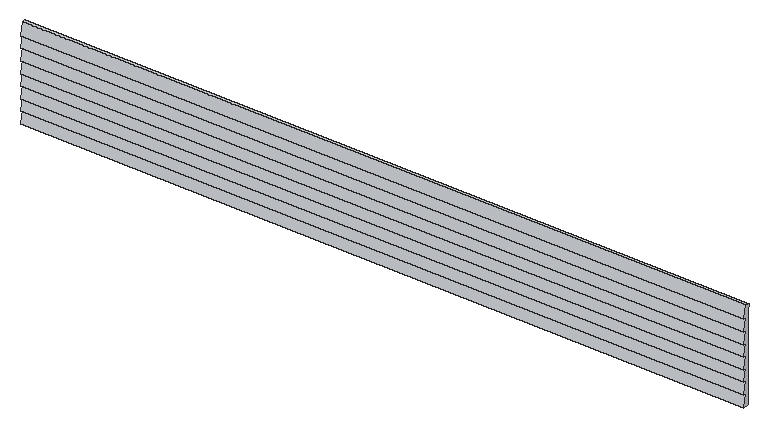
Revit family "OracDecor_WX204", category Обобщенные модели, Revit 2019
Family settings
  Может служить основой для арматурных стержней = Нет
  Размер круглого соединителя = Использовать диаметр
  Тип детали = Нормальный
  На основе рабочей плоскости = Нет
  Всегда вертикально = Да
  При загрузке вырезать с полостями = Нет
  Общий = Нет
  Точка расчета площади = Нет
Parameters
  Изготовитель = "Family from POCHERTEAM"  # constant formula
  URL = "t.me/pocherteam"
Reference planes
  plane 1 "По центру (Вперед/Назад)": y = 0
  plane 2: z = 0
  plane 3 "По центру (Влево/Вправо)": x = 0
Forms (mm)
  Extrusion 1, solid
    sketch origin (0, 0, 0) x (0, 1, 0) y (0, 0, 1)
      loop
        line (0, 250) -> (-7.719, 250) -> (-15.719, 218.75) -> (-7.719, 218.75) -> (-15.719, 187.5) -> (-7.719, 187.5) -> (-15.719, 156.25) -> (-7.719, 156.25) -> (-15.719, 125) -> (-7.719, 125) -> (-15.719, 93.75) -> (-7.771, 93.75) -> (-15.771, 62.5) -> (-7.771, 62.5) -> (-15.771, 31.25) -> (-7.719, 31.25) -> (-15.719, 0) -> (-2, 0) -> (0, 15.625) -> (-2, 15.625) -> (0, 31.25) -> (-2, 31.25) -> (0, 46.875) -> (-2, 46.875) -> (0, 62.5) -> (-2, 62.5) -> (0, 78.125) -> (-2, 78.125) -> (0, 93.75) -> (-2, 93.75) -> (0, 109.375) -> (-2, 109.375) -> (0, 125) -> (-2, 125) -> (0, 140.625) -> (-2, 140.625) -> (0, 156.25) -> (-2, 156.25) -> (0, 171.875) -> (-2, 171.875) -> (0, 187.5) -> (-2, 187.5) -> (0, 203.125) -> (-2, 203.125) -> (0, 218.75) -> (-2, 218.75) -> (0, 234.375) -> (-2, 234.375) -> (0, 250)
    from 0 to 2000
Dimensions and locks
  Extrusion 1 to level = 250 mm
  Extrusion 1 to plane 3 "По центру (Влево/Вправо)" = 2000 mm
  aligned and locked: level to plane 2
